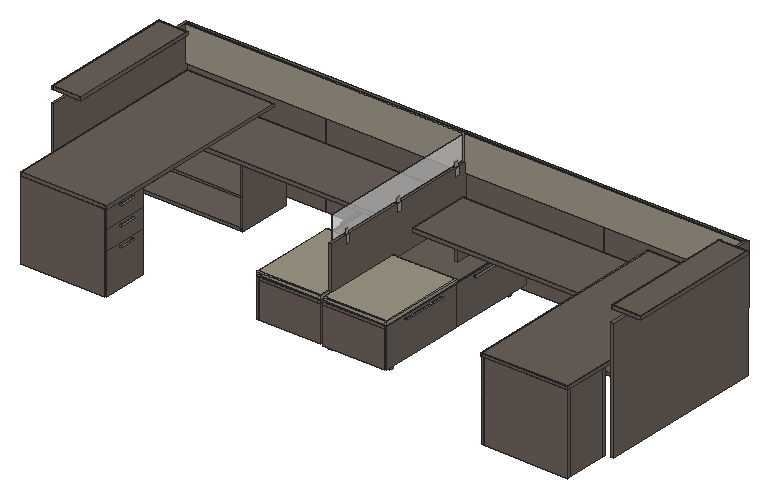
Revit family "STAKS005", category Furniture, Revit 2013 (continued)
Definition of nested family "FIRST OFFICE-STAKS-PEDESTALS-LOW_BENCH CUSHIONS"
  Reference planes (in)
    plane 3 "Back": y = -2.6068
    plane 4: z = 21.375
    plane 5: y = -24.4818
    plane 6: x = 8.0625
    plane 7: x = 32.0625
    plane 8 "CUSHION TOP": z = 22.875
    plane 9: y = -13.5443
    plane 10: x = 8.3125
    plane 11: x = 31.8125
  Forms (in)
    Extrusion 1, solid, material "STAKS CUSHION", visible <- "RECTANGLE"
      sketch origin (24, -38.74965, 30.93785) x (0, 0, -1) y (0, 1, 0)
        loop
          line (8.06285, 14.51785) -> (9.56285, 14.51785) -> (9.56285, 35.89285) -> (8.06285, 35.89285) -> (8.06285, 14.51785)
      from -15.6875 to 7.8125
    Sweep 2, solid, material "STAKS CUSHION", visible <- "RECTANGLE"
      path origin (0, 0, 22.875) x (-1, 0, 0) y (0, -1, 0)
        loop
          line (-8.0625, 24.4818) -> (-32.0625, 24.4818) -> (-32.0625, 2.6068) -> (-8.0625, 2.6068) -> (-8.0625, 24.4818)
      profile origin (8.0625, -13.5443, 22.875) x (-1, 0, 0) y (0, 0, 1)
        loop
          line (-0.25, 0) -> (-0.25, -1.5)
          arc (-0.25, -1.5) -> (-0.07322, -1.42678) -> (0, -1.25) r 0.25
          line (0, -1.25) -> (0, -0.25)
          arc (0, -0.25) -> (-0.07322, -0.07322) -> (-0.25, 0) r 0.25
    Revolve 3, solid, material "STAKS CUSHION", visible <- "ROUND"
      sketch origin (0, -12.6068, 0) x (1, 0, 0) y (0, 0, 1)
        loop
          line (20.0625, 22.875) -> (10.3125, 22.875)
          arc (10.3125, 22.875) -> (10.13572, 22.80178) -> (10.0625, 22.625) r 0.25
          line (10.0625, 22.625) -> (10.0625, 21.625)
          arc (10.0625, 21.625) -> (10.13572, 21.44822) -> (10.3125, 21.375) r 0.25
          line (10.3125, 21.375) -> (20.0625, 21.375) -> (20.0625, 22.875)
        axis (20.0625, 22.875) -> (20.0625, 21.375)
      angle from 0 to 360
  Cuts and joins
    joined: Extrusion 1, Sweep 2
  Lines and regions (in)
    Masking region 1, visible <- "RECTANGLE"
      outline origin (0, 0, 22.875) x (-1, 0, 0) y (0, -1, 0)
        loop
          line (-8.0625, 24.4818) -> (-20.0625, 13.5443) -> (-8.0625, 2.6068) -> (-8.0625, 24.4818)
    Masking region 2, visible <- "RECTANGLE"
      outline origin (40.125, 0, 22.875) x (0, -1, 0) y (1, 0, 0)
        loop
          line (24.4818, -8.0625) -> (2.6068, -8.0625) -> (13.5443, -20.0625) -> (24.4818, -8.0625)
    Masking region 3, visible <- "RECTANGLE"
      outline origin (0, 0, 22.875) x (-1, 0, 0) y (0, -1, 0)
        loop
          line (-8.0625, 2.6068) -> (-20.0625, 13.5443) -> (-32.0625, 2.6068) -> (-8.0625, 2.6068)
    Masking region 4, visible <- "RECTANGLE"
      outline origin (0, -24.4636, 22.875) x (0, 1, 0) y (-1, 0, 0)
        loop
          line (-0.0182, -8.0625) -> (-0.0182, -32.0625) -> (10.9193, -20.0625) -> (-0.0182, -8.0625)
    Masking region 5, visible <- "ROUND"
      outline origin (0, -10, 22.875) x (-1, 0, 0) y (0, -1, 0)
        loop
          circle (-20.0625, 2.6068) r 10
  Dimensions and locks (in)
    "CUSHION DEPTH": plane 5 to plane 3 "Back"
    equal spacing: plane 6, plane 2 "CENTER LEFT/RIGHT", plane 7
    "CUSHION WIDTH": plane 6 to plane 7
    locked: plane 8 "CUSHION TOP" to plane 4 at 1.5
    equal spacing: plane 5, plane 9, plane 3 "Back"
    locked: plane 6 to plane 10 at 0.25
    locked: plane 11 to plane 7 at 0.25
    locked: Revolve 3 sketch curve to Revolve 3 sketch curve at 10
    aligned: plane 2 "CENTER LEFT/RIGHT" to Extrusion 1
    aligned: plane 7 to Extrusion 1  (x3)
    aligned: Extrusion 1 to plane 6  (x3)
    aligned: Extrusion 1 to plane 3 "Back"  (x2)
    aligned: plane 5 to Extrusion 1  (x2)
    aligned and locked: plane 8 "CUSHION TOP" to Extrusion 1
    aligned and locked: Extrusion 1 to plane 4
    aligned and locked: Masking region 3 sketch curve to Masking region 1
    aligned and locked: Masking region 4 sketch curve to Masking region 2
    aligned and locked: plane 7 to Masking region 2
    aligned: Extrusion 1 to Sweep 2  (x3)
    aligned: cut or joined group of Extrusion 1, Sweep 2 to cut or joined group of Extrusion 1, Sweep 2  (x2)
    aligned and locked: cut or joined group of Extrusion 1, Sweep 2 to plane 10
    aligned and locked: plane 11 to cut or joined group of Extrusion 1, Sweep 2
    aligned and locked: plane 8 "CUSHION TOP" to Revolve 3 sketch curve
    aligned and locked: Revolve 3 sketch curve to plane 4
  Automatic sketch dimensions
    Extrusion 1 sketch curve to plane 8 "CUSHION TOP" = 0' - 0"
    Extrusion 1 sketch curve to plane 4 = 0' - 0"
    Extrusion 1 sketch curve to plane 5 = 0' - 0 1/4"
    Masking region 1 sketch curve to plane 2 "CENTER LEFT/RIGHT" = 0' - 0"
    plane 3 "Back" to Masking region 1 sketch curve = 0' - 0"
    Masking region 1 sketch curve to plane 6 = 0' - 0"
    plane 9 to Masking region 1 sketch curve = 0' - 0"
    plane 5 to Masking region 1 sketch curve = 0' - 0"
    plane 3 "Back" to Masking region 3 sketch curve = 0' - 0"
    Masking region 3 sketch curve to plane 7 = 0' - 0"
    Masking region 3 sketch curve to plane 2 "CENTER LEFT/RIGHT" = 0' - 0"
    plane 5 to Masking region 4 sketch curve = 0' - 0"
    Masking region 4 sketch curve to plane 2 "CENTER LEFT/RIGHT" = 0' - 0"
    Masking region 4 sketch curve to plane 6 = 0' - 0"
    plane 3 "Back" to Masking region 2 sketch curve = 0' - 0"
    Masking region 2 sketch curve to plane 2 "CENTER LEFT/RIGHT" = 0' - 0"
    plane 9 to Masking region 2 sketch curve = 0' - 0"
    plane 5 to Masking region 2 sketch curve = 0' - 0"
    Masking region 2 sketch curve to plane 7 = 0' - 0"
    plane 5 to Sweep 2 sketch curve = 0' - 0"
    Sweep 2 sketch curve to plane 7 = 0' - 0"
    plane 3 "Back" to Sweep 2 sketch curve = 0' - 0"
    Sweep 2 sketch curve to plane 6 = 0' - 0"
    Sweep 2 sketch curve to plane 8 "CUSHION TOP" = 0' - 0"
    Sweep 2 sketch curve to profile plane = 0' - 0"
    Sweep 2 sketch curve to Sweep 2 sketch curve = 0' - 0 1/4"
    Sweep 2 sketch curve to Sweep 2 sketch curve = 0' - 1"
    plane 3 "Back" to Extrusion 1 sketch curve = 0' - 0 1/4"
    Revolve 3 sketch curve to plane 2 "CENTER LEFT/RIGHT" = 0' - 0"  (x2)
    Revolve 3 sketch curve to plane 4 = 0' - 0"
    Revolve 3 sketch curve to plane 8 "CUSHION TOP" = 0' - 0"
    plane 4 to Revolve 3 sketch curve = 0' - 0 1/4"
    Revolve 3 sketch curve to Revolve 3 sketch curve = 0' - 0 1/4"
    Masking region 5 sketch curve to plane 2 "CENTER LEFT/RIGHT" = 0' - 0"
    plane 3 "Back" to Masking region 5 sketch curve = 0' - 10"
    radius of Masking region 5 sketch curve = 0' - 10"
Definition of nested family "FIRST OFFICE-STAKS-SUPPORT-SURFACE-RISER PANELS"
  Parameters (values of type "FIRST OFFICE-STAKS-SUPPORT-SURFACE-RISER-P SHAPE 10 X 9.5")
    T SHAPE = no
    RISER DEPTH = 0' - 10"
    URL = "http://www.firstoffice.com/products/crossover/staks/"
    P SHAPE = yes
    Model = "6-TSP-10/9.5"
    Manufacturer = "FIRST OFFICE-STAKS"
    MANUFACTURERS' CODE = "FOF"
    ENVIRONMENTAL = "http://www.firstoffice.com/products/crossover/staks/"
    Description = "10 X 9.5 P SHAPE RISER SUPPORT PANEL"
    CATALOG CODE = "FST"
    Assembly Code = ""
  Types (8): name | T SHAPE | RISER DEPTH | P SHAPE | Model | Description
    FIRST OFFICE-STAKS-SUPPORT-SURFACE-RISER-P SHAPE 10 X 9.5 | no | 0' - 10" | yes | "6-TSP-10/9.5" | "10 X 9.5 P SHAPE RISER SUPPORT PANEL"
    FIRST OFFICE-STAKS-SUPPORT-SURFACE-RISER-P SHAPE 18 X 9.5 | no | 1' - 6" | yes | "6-TSP-18/9.5" | "18 X 9.5 P SHAPE RISER SUPPORT PANEL"
    FIRST OFFICE-STAKS-SUPPORT-SURFACE-RISER-P SHAPE 26 X 9.5 | no | 2' - 2" | yes | "6-TSP-26/9.5" | "26 X 9.5 P SHAPE RISER SUPPORT PANEL"
    FIRST OFFICE-STAKS-SUPPORT-SURFACE-RISER-P SHAPE 32 X 9.5 | no | 2' - 8" | yes | "6-TSP-32/9.5" | "32 X 9.5 P SHAPE RISER SUPPORT PANEL"
    FIRST OFFICE-STAKS-SUPPORT-SURFACE-RISER-T SHAPE 10 X 9.5 | yes | 0' - 10" | no | "6-RSP-10/9.5" | "10 X 9.5 T SHAPE RISER SUPPORT PANEL"
    FIRST OFFICE-STAKS-SUPPORT-SURFACE-RISER-T SHAPE 18 X 9.5 | yes | 1' - 6" | no | "6-RSP-18/9.5" | "18 X 9.5 T SHAPE RISER SUPPORT PANEL"
    FIRST OFFICE-STAKS-SUPPORT-SURFACE-RISER-T SHAPE 26 X 9.5 | yes | 2' - 2" | no | "6-RSP-26/9.5" | "26 X 9.5 T SHAPE RISER SUPPORT PANEL"
    FIRST OFFICE-STAKS-SUPPORT-SURFACE-RISER-T SHAPE 32 X 9.5 | yes | 2' - 8" | no | "6-RSP-32/9.5" | "32 X 9.5 T SHAPE RISER SUPPORT PANEL"
  Reference planes (in)
    plane 1: z = 0
    plane 2 "Left": x = -12
    plane 3 "Back": y = 1.62535
    plane 4 "WING Top": z = 27.375
    plane 5: y = -8.37465
    plane 6: y = 0.62535
    plane 7: x = -2.5
    plane 8: x = -3.5
    plane 9: x = -11
    plane 10: y = -7.87465
    plane 11: z = 22.5
    plane 12: y = -6.87465
    plane 13: x = -13
    plane 14: y = -3.37465
    plane 15: x = -21.5
  Forms (in)
    Extrusion 1, solid, material "STAKS SUPPORT WD", visible <- "P SHAPE"
      sketch origin (3.36932, -10.37465, 0.12522) x (1, 0, 0) y (0, 0, 1)
        loop
          line (-5.86932, 27.24978) -> (-6.86932, 27.24978) -> (-6.86932, 22.37478) -> (-5.86932, 22.37478) -> (-5.86932, 27.24978)
      from -11 to -3.5
    Extrusion 2, solid, material "STAKS SUPPORT WD", visible <- "P SHAPE"
      sketch origin (-5.5, 5, -0.18015) x (0, 1, 0) y (0, 0, 1)
        loop
          line (-4.37465, 27.55515) -> (-4.37465, 22.68015) -> (-3.37465, 22.68015) -> (-3.37465, 27.55515) -> (-4.37465, 27.55515)
      from -5.5 to 3
    Extrusion 3, solid, material "STAKS SUPPORT WD", visible <- "P SHAPE"
      sketch origin (7.62465, -10.37465, -0.18015) x (1, 0, 0) y (0, 0, 1)
        loop
          line (-19.62465, 27.55515) -> (-19.62465, 22.68015) -> (-18.62465, 22.68015) -> (-18.62465, 27.55515) -> (-19.62465, 27.55515)
      from -12 to -2
    Extrusion 4, solid, material "STAKS SUPPORT WD", visible <- "P SHAPE"
      sketch origin (-5.5, -2.25, -0.18015) x (0, 1, 0) y (0, 0, 1)
        loop
          line (-5.62465, 27.55515) -> (-5.62465, 22.68015) -> (-4.62465, 22.68015) -> (-4.62465, 27.55515) -> (-5.62465, 27.55515)
      from -5.5 to 3
    Extrusion 5, solid, material "STAKS SUPPORT WD", visible <- "T SHAPE"
      sketch origin (6.62465, -10.37465, -0.18015) x (1, 0, 0) y (0, 0, 1)
        loop
          line (-19.62465, 27.55515) -> (-19.62465, 22.68015) -> (-18.62465, 22.68015) -> (-18.62465, 27.55515) -> (-19.62465, 27.55515)
      from -12 to -2
    Extrusion 6, solid, material "STAKS SUPPORT WD", visible <- "T SHAPE"
      sketch origin (-16, -9.25, -0.18015) x (0, 1, 0) y (0, 0, 1)
        loop
          line (5.37535, 27.55515) -> (5.37535, 22.68015) -> (6.37535, 22.68015) -> (6.37535, 27.55515) -> (5.37535, 27.55515)
      from -5.5 to 3
  Lines and regions (in)
    Masking region 1, visible <- "P SHAPE"
      outline origin (-5.5, 0, 0) x (1, 0, 0) y (0, 1, 0)
        loop
          line (-5.5, 1.62535) -> (-5.5, 0.62535) -> (3, 0.62535) -> (3, 1.62535) -> (-5.5, 1.62535)
    Masking region 2, visible <- "P SHAPE"
      outline origin (4.75, 0, 0) x (1, 0, 0) y (0, 1, 0)
        loop
          line (-7.25, 0.62535) -> (-8.25, 0.62535) -> (-8.25, -6.87465) -> (-7.25, -6.87465) -> (-7.25, 0.62535)
    Masking region 3, visible <- "P SHAPE"
      outline origin (-16.37535, -10.37465, 0) x (0, -1, 0) y (1, 0, 0)
        loop
          line (-12, 5.37535) -> (-12, 4.37535) -> (-2, 4.37535) -> (-2, 5.37535) -> (-12, 5.37535)
    Masking region 4, visible <- "P SHAPE"
      outline origin (-5.5, -7.25, 0) x (1, 0, 0) y (0, 1, 0)
        loop
          line (-5.5, 0.37535) -> (-5.5, -0.62465) -> (3, -0.62465) -> (3, 0.37535) -> (-5.5, 0.37535)
    Masking region 5, visible <- "T SHAPE"
      outline origin (-17.37535, -10.37465, 0) x (0, -1, 0) y (1, 0, 0)
        loop
          line (-12, 5.37535) -> (-12, 4.37535) -> (-2, 4.37535) -> (-2, 5.37535) -> (-12, 5.37535)
    Masking region 6, visible <- "T SHAPE"
      outline origin (-16, -14.25, 0) x (1, 0, 0) y (0, 1, 0)
        loop
          line (-5.5, 11.37535) -> (-5.5, 10.37535) -> (3, 10.37535) -> (3, 11.37535) -> (-5.5, 11.37535)
  Dimensions and locks (in)
    "RISER DEPTH": plane 5 to plane 3 "Back"
    locked: plane 2 "Left" to plane 9 at 1
    locked: plane 8 to plane 7 at 1
    locked: plane 2 "Left" to plane 7 at 9.5
    locked: plane 4 "WING Top" to plane 11 at 4.875
    locked: plane 10 to plane 3 "Back" at 9.5
    locked: plane 4 "WING Top" to plane 1 at 27.375
    locked: plane 6 to plane 3 "Back" at 1
    locked: plane 10 to plane 12 at 1
    locked: plane 15 to plane 2 "Left" at 9.5
    locked: plane 13 to plane 2 "Left" at 1
    Extrusion 6 to plane 14 to Extrusion 6 = 0' - 0 1/2" locked, 0' - 0 1/2" locked
    equal spacing: plane 5, plane 14, plane 3 "Back"
    aligned: Extrusion 1 to plane 2 "Left"  (x2)
    aligned: Extrusion 1 to plane 1  (x2)
    aligned: level to plane 1
    aligned: Extrusion 1 to plane 4 "WING Top"
    aligned: Extrusion 1 to plane 3 "Back"  (x2)
    aligned: plane 5 to Extrusion 1
    aligned: Extrusion 3 to plane 6
    aligned and locked: plane 5 to Extrusion 3
    aligned: Extrusion 1 to plane 5  (x3)
    aligned and locked: plane 6 to Extrusion 2
    aligned and locked: plane 6 to Masking region 1
    aligned and locked: Masking region 1 to plane 3 "Back"
    aligned and locked: Extrusion 2 to plane 3 "Back"
    aligned: plane 7 to Masking region 1
    aligned: plane 7 to Extrusion 2
    aligned: Extrusion 3 to plane 2 "Left"
    aligned: plane 4 "WING Top" to Extrusion 3
    aligned: plane 4 "WING Top" to Extrusion 1
    aligned: plane 4 "WING Top" to Extrusion 2
    aligned: Masking region 2 to plane 3 "Back"
    aligned: plane 3 "Back" to Extrusion 1
    aligned: plane 10 to Masking region 2
    aligned: plane 10 to Extrusion 1
    aligned and locked: plane 7 to Extrusion 1
    aligned and locked: Extrusion 1 to plane 8
    aligned and locked: plane 7 to Masking region 2
    aligned and locked: Masking region 2 to plane 8
    aligned: plane 8 to Extrusion 2
    aligned: plane 8 to Masking region 1
    aligned and locked: Extrusion 3 to plane 3 "Back"
    aligned and locked: Extrusion 3 to plane 2 "Left"
    aligned: plane 9 to Extrusion 3
    aligned and locked: plane 9 to Masking region 3
    aligned and locked: Masking region 3 to plane 2 "Left"
    aligned and locked: Extrusion 2 to plane 9
    aligned and locked: Masking region 1 to plane 9
    aligned and locked: plane 5 to Masking region 3
    aligned and locked: plane 4 "WING Top" to Extrusion 3  (x2)
    aligned and locked: plane 4 "WING Top" to Extrusion 1
    aligned and locked: plane 4 "WING Top" to Extrusion 2
    aligned and locked: Extrusion 3 to plane 11
    aligned and locked: Extrusion 1 to plane 11
    aligned and locked: Extrusion 2 to plane 11
    aligned and locked: plane 9 to Extrusion 3
    aligned and locked: Extrusion 1 to plane 6
    aligned and locked: Masking region 2 to plane 6
    aligned and locked: plane 7 to Extrusion 2
    aligned and locked: plane 7 to Masking region 1
    aligned and locked: Masking region 4 to plane 12
    aligned and locked: Extrusion 4 to plane 12
    aligned and locked: plane 10 to Extrusion 4
    aligned and locked: plane 10 to Masking region 4
    aligned and locked: plane 12 to Extrusion 1
    aligned and locked: plane 12 to Masking region 2
    aligned and locked: Masking region 6 to Extrusion 6  (x2)
    aligned and locked: Masking region 6 to plane 15
    aligned and locked: Extrusion 6 to plane 15
    aligned and locked: plane 13 to Masking region 6
    aligned and locked: plane 13 to Extrusion 6
    aligned and locked: plane 5 to Extrusion 5
    aligned and locked: Extrusion 5 to plane 3 "Back"
    aligned and locked: plane 3 "Back" to Extrusion 5
  Automatic sketch dimensions
    Extrusion 1 sketch curve to plane 4 "WING Top" = 0' - 0"
    Extrusion 1 sketch curve to plane 8 = 0' - 0"
    Extrusion 1 sketch curve to plane 7 = 0' - 0"
    Extrusion 1 sketch curve to plane 11 = 0' - 0"
    Extrusion 2 sketch curve to plane 4 "WING Top" = 0' - 0"
    Extrusion 2 sketch curve to plane 6 = 0' - 0"
    Extrusion 2 sketch curve to plane 3 "Back" = 0' - 0"
    Extrusion 2 sketch curve to plane 11 = 0' - 0"
    plane 6 to Masking region 1 sketch curve = 0' - 0"
    Masking region 1 sketch curve to plane 9 = 0' - 0"
    plane 3 "Back" to Masking region 1 sketch curve = 0' - 0"
    Masking region 1 sketch curve to plane 7 = 0' - 0"
    Extrusion 3 sketch curve to plane 2 "Left" = 0' - 0"
    Extrusion 3 sketch curve to plane 9 = 0' - 0"
    Extrusion 3 sketch curve to plane 11 = 0' - 0"
    Extrusion 3 sketch curve to plane 4 "WING Top" = 0' - 0"
    plane 6 to Masking region 2 sketch curve = 0' - 0"
    Masking region 2 sketch curve to plane 8 = 0' - 0"
    Masking region 2 sketch curve to plane 7 = 0' - 0"
    plane 12 to Masking region 2 sketch curve = 0' - 0"
    Masking region 3 sketch curve to plane 2 "Left" = 0' - 0"
    plane 3 "Back" to Masking region 3 sketch curve = 0' - 0"
    plane 5 to Masking region 3 sketch curve = 0' - 0"
    Masking region 3 sketch curve to plane 9 = 0' - 0"
    Extrusion 4 sketch curve to plane 4 "WING Top" = 0' - 0"
    Extrusion 4 sketch curve to plane 10 = 0' - 0"
    Extrusion 4 sketch curve to plane 11 = 0' - 0"
    Extrusion 4 sketch curve to plane 12 = 0' - 0"
    Masking region 4 sketch curve to plane 9 = 0' - 0"
    Masking region 4 sketch curve to plane 7 = 0' - 0"
    plane 10 to Masking region 4 sketch curve = 0' - 0"
    plane 12 to Masking region 4 sketch curve = 0' - 0"
    Extrusion 5 sketch curve to plane 4 "WING Top" = 0' - 0"
    Extrusion 5 sketch curve to plane 13 = 0' - 0"
    Extrusion 5 sketch curve to plane 2 "Left" = 0' - 0"
    Extrusion 5 sketch curve to plane 11 = 0' - 0"
    plane 3 "Back" to Masking region 5 sketch curve = 0' - 0"
    Masking region 5 sketch curve to plane 2 "Left" = 0' - 0"
    plane 5 to Masking region 5 sketch curve = 0' - 0"
    Masking region 5 sketch curve to plane 13 = 0' - 0"
    Extrusion 6 sketch curve to plane 4 "WING Top" = 0' - 0"
    Extrusion 6 sketch curve to plane 11 = 0' - 0"
    Extrusion 6 sketch curve to plane 10 = 0' - 4"
    Extrusion 6 sketch curve to Extrusion 6 sketch curve = 0' - 1"
    Masking region 6 sketch curve to plane 13 = 0' - 0"
    Masking region 6 sketch curve to Masking region 6 sketch curve = 0' - 8 1/2"
    Masking region 6 sketch curve to plane 10 = 0' - 4"
    Masking region 6 sketch curve to Masking region 6 sketch curve = 0' - 1"
Definition of nested family "FIRST OFFICE-STAKS-PEDESTALS-WORKSUFACE HEIGHT NO I BEAM-12W TO 16W"
  Parameters (values of type "FIRST OFFICE-STAKS-SURFACE HEIGHT BBF PED-NO I BEAM 16 X 19")
    URL = "http://www.firstoffice.com/products/crossover/staks/"
    SHELF = no
    PULL 1 = yes
    PULL 2 = yes
    PULL 3 = yes
    PEDESTAL DEPTH = 1' - 7 3/8"
    Model = "6-NW1619MPD1"
    Manufacturer = "FIRST OFFICE-STAKS"
    MANUFACTURERS' CODE = "FOF"
    FILE FRONT 1 = no
    FILE FRONT 2 = yes
    ENVIRONMENTAL = "http://www.firstoffice.com/products/crossover/staks/"
    Description = "16 X 19 BBF PEDESTAL"
    PEDESTAL WIDTH = 1' - 3 5/8"
    DOOR = no
    CATALOG CODE = "FST"
    BOX FRONT 1 = yes
    BOX FRONT 2 = yes
    Assembly Code = ""
  Types (24): name | SHELF | PULL 1 | PULL 2 | PULL 3 | PEDESTAL DEPTH | Model | FILE FRONT 1 | FILE FRONT 2 | Description | PEDESTAL WIDTH | DOOR | BOX FRONT 1 | BOX FRONT 2
    FIRST OFFICE-STAKS-SURFACE HEIGHT UTILITY PED-NO I BEAM 12 X 19 | no | yes | no | yes | 1' - 7 3/8" | "6-NW1219MPD13" | yes | yes | "12 X 19 UTILITY PEDESTAL" | 1' - 0" | no | no | no
    FIRST OFFICE-STAKS-SURFACE HEIGHT UTILITY PED-NO I BEAM 12 X 22 | no | yes | no | yes | 1' - 9 7/8" | "6-NW1222MPD13" | yes | yes | "12 X 22 UTILITY PEDESTAL" | 1' - 0" | no | no | no
    FIRST OFFICE-STAKS-SURFACE HEIGHT CPU PED L-NO I BEAM 12 X 19 | no | yes | no | no | 1' - 7 3/8" | "6-NW1219MPDL14" | no | no | "12 X 19 CPU PEDESTAL" | 1' - 0" | yes | no | no
    FIRST OFFICE-STAKS-SURFACE HEIGHT CPU PED L-NO I BEAM 12 X 22 | no | yes | no | no | 1' - 9 7/8" | "6-NW1222MPDL14" | no | no | "12 X 22 CPU PEDESTAL" | 1' - 0" | yes | no | no
    FIRST OFFICE-STAKS-SURFACE HEIGHT CPU PED R-NO I BEAM 12 X 19 | no | yes | no | no | 1' - 7 3/8" | "6-NW1219MPDR14" | no | no | "12 X 19 CPU PEDESTAL" | 1' - 0" | yes | no | no
    FIRST OFFICE-STAKS-SURFACE HEIGHT CPU PED R-NO I BEAM 12 X 22 | no | yes | no | no | 1' - 9 7/8" | "6-NW1222MPDR14" | no | no | "12 X 22 CPU PEDESTAL" | 1' - 0" | yes | no | no
    FIRST OFFICE-STAKS-SURFACE HEIGHT BBF PED-NO I BEAM 16 X 19 | no | yes | yes | yes | 1' - 7 3/8" | "6-NW1619MPD1" | no | yes | "16 X 19 BBF PEDESTAL" | 1' - 3 5/8" | no | yes | yes
    FIRST OFFICE-STAKS-SURFACE HEIGHT BBF PED-NO I BEAM 16 X 22 | no | yes | yes | yes | 1' - 9 7/8" | "6-NW1622MPD1" | no | yes | "16 X 22 BBF PEDESTAL" | 1' - 3 5/8" | no | yes | yes
    FIRST OFFICE-STAKS-SURFACE HEIGHT BBF PED-NO I BEAM 16 X 27 | no | yes | yes | yes | 2' - 3 3/8" | "6-NW1627MPD1" | no | yes | "16 X 27 BBF PEDESTAL" | 1' - 3 5/8" | no | yes | yes
    FIRST OFFICE-STAKS-SURFACE HEIGHT BBF PED-NO I BEAM 16 X 30 | no | yes | yes | yes | 2' - 5 7/8" | "6-NW1630MPD1" | no | yes | "16 X 30 BBF PEDESTAL" | 1' - 3 5/8" | no | yes | yes
    FIRST OFFICE-STAKS-SURFACE HEIGHT BBF PED-NO I BEAM 16 X 33 | no | yes | yes | yes | 2' - 9 3/8" | "6-NW1633MPD1" | no | yes | "16 X 33 BBF PEDESTAL" | 1' - 3 5/8" | no | yes | yes
    FIRST OFFICE-STAKS-SURFACE HEIGHT BBF PED-NO I BEAM 16 X 36 | no | yes | yes | yes | 2' - 11 7/8" | "6-NW1636MPD1" | no | yes | "16 X 36 BBF PEDESTAL" | 1' - 3 5/8" | no | yes | yes
    FIRST OFFICE-STAKS-SURFACE HEIGHT OBF PED-NO I BEAM 16 X 19 | yes | no | yes | yes | 1' - 7 3/8" | "6-NW1619MPD2" | no | yes | "16 X 19 OBF PEDESTAL" | 1' - 3 5/8" | no | no | yes
    FIRST OFFICE-STAKS-SURFACE HEIGHT OBF PED-NO I BEAM 16 X 22 | yes | no | yes | yes | 1' - 9 7/8" | "6-NW1622MPD2" | no | yes | "16 X 22 OBF PEDESTAL" | 1' - 3 5/8" | no | no | yes
    FIRST OFFICE-STAKS-SURFACE HEIGHT OBF PED-NO I BEAM 16 X 27 | yes | no | yes | yes | 2' - 3 3/8" | "6-NW1627MPD2" | no | yes | "16 X 27 OBF PEDESTAL" | 1' - 3 5/8" | no | no | yes
    FIRST OFFICE-STAKS-SURFACE HEIGHT OBF PED-NO I BEAM 16 X 30 | yes | no | yes | yes | 2' - 5 7/8" | "6-NW1630MPD2" | no | yes | "16 X 30 OBF PEDESTAL" | 1' - 3 5/8" | no | no | yes
    FIRST OFFICE-STAKS-SURFACE HEIGHT OBF PED-NO I BEAM 16 X 33 | yes | no | yes | yes | 2' - 9 3/8" | "6-NW1633MPD2" | no | yes | "16 X 33 OBF PEDESTAL" | 1' - 3 5/8" | no | no | yes
    FIRST OFFICE-STAKS-SURFACE HEIGHT OBF PED-NO I BEAM 16 X 36 | yes | no | yes | yes | 2' - 11 7/8" | "6-NW1636MPD2" | no | yes | "16 X 36 OBF PEDESTAL" | 1' - 3 5/8" | no | no | yes
    FIRST OFFICE-STAKS-SURFACE HEIGHT FF PED-NO I BEAM 16 X 19 | no | yes | no | yes | 1' - 7 3/8" | "6-NW1619MPD3" | yes | yes | "16 X 19 FF PEDESTAL" | 1' - 3 5/8" | no | no | no
    FIRST OFFICE-STAKS-SURFACE HEIGHT FF PED-NO I BEAM 16 X 22 | no | yes | no | yes | 1' - 9 7/8" | "6-NW1622MPD3" | yes | yes | "16 X 22 FF PEDESTAL" | 1' - 3 5/8" | no | no | no
    FIRST OFFICE-STAKS-SURFACE HEIGHT FF PED-NO I BEAM 16 X 27 | no | yes | no | yes | 2' - 3 3/8" | "6-NW1627MPD3" | yes | yes | "16 X 27 FF PEDESTAL" | 1' - 3 5/8" | no | no | no
    FIRST OFFICE-STAKS-SURFACE HEIGHT FF PED-NO I BEAM 16 X 30 | no | yes | no | yes | 2' - 5 7/8" | "6-NW1630MPD3" | yes | yes | "16 X 30 FF PEDESTAL" | 1' - 3 5/8" | no | no | no
    FIRST OFFICE-STAKS-SURFACE HEIGHT FF PED-NO I BEAM 16 X 33 | no | yes | no | yes | 2' - 9 3/8" | "6-NW1633MPD3" | yes | yes | "16 X 33 FF PEDESTAL" | 1' - 3 5/8" | no | no | no
    FIRST OFFICE-STAKS-SURFACE HEIGHT FF PED-NO I BEAM 16 X 36 | no | yes | no | yes | 2' - 11 7/8" | "6-NW1636MPD3" | yes | yes | "16 X 36 FF PEDESTAL" | 1' - 3 5/8" | no | no | no
  Reference planes (in)
    plane 1: z = 0
    plane 2 "Center Left/Right": x = -0.02289
    plane 3 "Left": x = -7.83539
    plane 4 "Right": x = 7.78961
    plane 5 "CABINET FRONT": y = 1.37535
    plane 6 "PEDESTAL TOP": z = 27.375
    plane 7 "DRAWER FRONT": y = 0.62535
    plane 8: x = -7.77289
    plane 9: x = 7.72661
    plane 10: z = 0.25
    plane 11: z = 27.25
    plane 12: z = 14.37495
    plane 13: z = 14.24995
    plane 14: z = 26.5
    plane 15: x = 7.03961
    plane 16: x = -7.08539
    plane 17 "BACK": y = 20.00035
    plane 18: y = 19.87535
    plane 19: x = -7.71039
    plane 20: x = 7.66461
    plane 21: z = 20.87495
    plane 22: z = 20.74995
  Forms (in)
    Extrusion 1, solid, material "STAKS FILE 1", visible <- "FILE FRONT 1"
      sketch origin (-0.02289, 5, -0.18015) x (0, 1, 0) y (0, 0, 1)
        loop
          line (-4.37465, 27.43015) -> (-4.37465, 14.5551) -> (-3.62465, 14.5551) -> (-3.62465, 27.43015) -> (-4.37465, 27.43015)
      from -7.75 to 7.7495
    Extrusion 2, solid, material "STAKS FILE 2", visible <- "FILE FRONT 2"
      sketch origin (-0.02289, 5, -13.1802) x (0, 1, 0) y (0, 0, 1)
        loop
          line (-4.37465, 27.43015) -> (-4.37465, 13.4302) -> (-3.62465, 13.4302) -> (-3.62465, 27.43015) -> (-4.37465, 27.43015)
      from -7.75 to 7.7495
    Extrusion 3, solid, material "STAKS PEDESTAL"
      sketch origin (0, -1.24965, 0) x (1, 0, 0) y (0, 0, 1)
        loop
          line (-7.83539, 0) -> (-7.08539, 0) -> (-7.08539, 27.25) -> (-7.83539, 27.25) -> (-7.83539, 0)
      from -21.25 to -2.625
    Extrusion 4, solid, material "STAKS SPACER"
      sketch origin (0, 2.62535, 0) x (1, 0, 0) y (0, 0, 1)
        loop
          line (-7.71039, 27.375) -> (-7.71039, 27.25) -> (-7.08539, 27.25) -> (-7.08539, 27.375) -> (-7.71039, 27.375)
      from -17.25 to 1.25
    Extrusion 5, solid, material "STAKS PEDESTAL"
      sketch origin (9, -1.24965, 0) x (1, 0, 0) y (0, 0, 1)
        loop
          line (-1.96039, 0) -> (-1.21039, 0) -> (-1.21039, 27.25) -> (-1.96039, 27.25) -> (-1.96039, 0)
      from -21.25 to -2.625
    Extrusion 6, solid, material "STAKS SPACER"
      sketch origin (8.25, 2.62535, 0) x (1, 0, 0) y (0, 0, 1)
        loop
          line (-1.21039, 27.375) -> (-1.21039, 27.25) -> (-0.58539, 27.25) -> (-0.58539, 27.375) -> (-1.21039, 27.375)
      from -17.25 to 1.25
    Extrusion 7, solid, material "STAKS PEDESTAL"
      sketch origin (0, 8.37535, 0) x (1, 0, 0) y (0, 0, 1)
        loop
          line (-7.08539, 27.25) -> (-7.08539, 26.5) -> (7.03961, 26.5) -> (7.03961, 27.25) -> (-7.08539, 27.25)
      from 0 to 4
    Extrusion 8, solid, material "STAKS SPACER"
      sketch origin (11.97711, 7.39824, 0) x (0, 1, 0) y (0, 0, 1)
        loop
          line (-3.02289, 27.375) -> (-3.02289, 27.25) -> (-2.39789, 27.25) -> (-2.39789, 27.375) -> (-3.02289, 27.375)
      from -19.0625 to -4.9375
    Extrusion 9, solid, material "STAKS PEDESTAL"
      sketch origin (0, 16.12535, 0) x (1, 0, 0) y (0, 0, 1)
        loop
          line (-7.08539, 27.25) -> (-7.08539, 26.5) -> (7.03961, 26.5) -> (7.03961, 27.25) -> (-7.08539, 27.25)
      from -0.87505 to 3.12495
    Extrusion 10, solid, material "STAKS SPACER"
      sketch origin (11.97711, 15.14824, 0) x (0, 1, 0) y (0, 0, 1)
        loop
          line (-2.14784, 27.375) -> (-2.14784, 27.25) -> (-1.52284, 27.25) -> (-1.52284, 27.375) -> (-2.14784, 27.375)
      from -19.0625 to -4.9375
    Extrusion 11, solid, material "STAKS PEDESTAL", visible <- "PULL 3"
      sketch origin (0, 8.37535, -25) x (1, 0, 0) y (0, 0, 1)
        loop
          line (-7.08539, 25.75) -> (-7.08539, 25) -> (7.03961, 25) -> (7.03961, 25.75) -> (-7.08539, 25.75)
      from 2.15625 to 6.15625
    Extrusion 12, solid, material "STAKS PEDESTAL", visible <- "PULL 3"
      sketch origin (0, 16.12535, -25) x (1, 0, 0) y (0, 0, 1)
        loop
          line (-7.08539, 25.75) -> (-7.08539, 25) -> (7.03961, 25) -> (7.03961, 25.75) -> (-7.08539, 25.75)
      from -3.125 to 0.875
    Extrusion 13, solid, material "STAKS BOX 1", visible <- "BOX FRONT 1"
      sketch origin (-0.02289, 2.25, -0.18015) x (0, 1, 0) y (0, 0, 1)
        loop
          line (-1.62465, 27.43015) -> (-1.62465, 21.0551) -> (-0.87465, 21.0551) -> (-0.87465, 27.43015) -> (-1.62465, 27.43015)
      from -7.75 to 7.7495
    Extrusion 14, solid, material "STAKS DOOR1", visible <- "DOOR"
      sketch origin (-0.02289, 3.5, -0.18015) x (0, 1, 0) y (0, 0, 1)
        loop
          line (-2.87465, 27.43015) -> (-2.87465, 0.43015) -> (-2.12465, 0.43015) -> (-2.12465, 27.43015) -> (-2.87465, 27.43015)
      from -7.75 to 7.7495
    Extrusion 15, solid, material "STAKS BOX 2", visible <- "BOX FRONT 2"
      sketch origin (-0.02289, 2.25, -7.68015) x (0, 1, 0) y (0, 0, 1)
        loop
          line (-1.62465, 28.4301) -> (-1.62465, 22.0551) -> (-0.87465, 22.0551) -> (-0.87465, 28.4301) -> (-1.62465, 28.4301)
      from -7.75 to 7.7495
    Extrusion 16, solid, material "STAKS SHELF", visible <- "SHELF"
      sketch origin (0, 1.87535, -6.25) x (1, 0, 0) y (0, 0, 1)
        loop
          line (-7.08539, 27.3749) -> (-7.08539, 26.6249) -> (7.03961, 26.6249) -> (7.03961, 27.3749) -> (-7.08539, 27.3749)
      from -17.375 to 0.5
    Extrusion 17, solid, material "STAKS PEDESTAL"
      sketch origin (19.35211, 29.02324, 0) x (0, 1, 0) y (0, 0, 1)
        loop
          line (-9.77289, 0) -> (-9.02289, 0) -> (-9.02289, 27.25) -> (-9.77289, 27.25) -> (-9.77289, 0)
      from -26.4375 to -12.3125
    Extrusion 18, solid, material "STAKS PULL", visible <- "PULL 1"
      sketch origin (0, 0, 27.375) x (-1, 0, 0) y (0, -1, 0)
        loop
          line (2.74164, -0.62535) -> (2.74164, 0.37465) -> (-2.69586, 0.37465) -> (-2.69586, -0.62535) -> (-2.32086, -0.62535) -> (-2.32086, 0.18715) -> (2.36664, 0.18715) -> (2.36664, -0.62535) -> (2.74164, -0.62535)
      from -0.84375 to -0.375
    Extrusion 19, solid, material "STAKS PULL", visible <- "PULL 2"
      sketch origin (0, 0, 20.87495) x (-1, 0, 0) y (0, -1, 0)
        loop
          line (2.74164, -0.62535) -> (2.74164, 0.37465) -> (-2.69586, 0.37465) -> (-2.69586, -0.62535) -> (-2.32086, -0.62535) -> (-2.32086, 0.18715) -> (2.36664, 0.18715) -> (2.36664, -0.62535) -> (2.74164, -0.62535)
      from -0.84375 to -0.375
    Extrusion 20, solid, material "STAKS PULL", visible <- "PULL 3"
      sketch origin (0, 0, 14.37495) x (-1, 0, 0) y (0, -1, 0)
        loop
          line (2.74164, -0.62535) -> (2.74164, 0.37465) -> (-2.69586, 0.37465) -> (-2.69586, -0.62535) -> (-2.32086, -0.62535) -> (-2.32086, 0.18715) -> (2.36664, 0.18715) -> (2.36664, -0.62535) -> (2.74164, -0.62535)
      from -0.84375 to -0.375
    Extrusion 21, solid, material "STAKS PEDESTAL", visible <- "DOOR"
      sketch origin (0, 10.87535, -25) x (1, 0, 0) y (0, 0, 1)
        loop
          line (-7.08539, 26) -> (-7.08539, 25) -> (7.03961, 25) -> (7.03961, 26) -> (-7.08539, 26)
      from -8.375 to 9.5
  Lines and regions (in)
    Masking region 1
      outline origin (0, 0, 0) x (1, 0, 0) y (0, 1, 0)
        loop
          line (-7.77289, 1.37535) -> (-7.77289, 0.62535) -> (7.72711, 0.62535) -> (7.72711, 1.37535) -> (-7.77289, 1.37535)
    Masking region 2
      outline origin (0, 0, 0) x (1, 0, 0) y (0, 1, 0)
        loop
          line (-2.74164, 0.62535) -> (-2.74164, -0.37465) -> (2.69586, -0.37465) -> (2.69586, 0.62535) -> (2.32086, 0.62535) -> (2.32086, -0.18715) -> (-2.36664, -0.18715) -> (-2.36664, 0.62535) -> (-2.74164, 0.62535)
    Masking region 3
      outline origin (0, 0, 0) x (1, 0, 0) y (0, 1, 0)
        loop
          line (-7.77289, 1.37535) -> (-7.77289, 0.62535) -> (7.72661, 0.62535) -> (7.72661, 1.37535) -> (-7.77289, 1.37535)
    Masking region 4
      outline origin (0, 0, 0) x (1, 0, 0) y (0, 1, 0)
        loop
          line (-7.83539, 1.37535) -> (7.78961, 1.37535) -> (7.78961, 20.00035) -> (-7.83539, 20.00035) -> (-7.83539, 1.37535)
  Dimensions and locks (in)
    locked: plane 7 "DRAWER FRONT" to plane 5 "CABINET FRONT" at 0.75
    "PEDESTAL WIDTH": plane 3 "Left" to plane 4 "Right"
    equal spacing: plane 3 "Left", plane 2 "Center Left/Right", plane 4 "Right"
    locked: plane 3 "Left" to plane 8 at 0.0625
    locked: plane 9 to plane 4 "Right" at 0.063
    locked: plane 10 to plane 1 at 0.25
    locked: plane 6 "PEDESTAL TOP" to plane 11 at 0.125
    locked: plane 12 to plane 13 at 0.125
    "PEDESTAL DEPTH": plane 17 "BACK" to plane 7 "DRAWER FRONT"
    locked: plane 11 to plane 14 at 0.75
    locked: plane 3 "Left" to plane 16 at 0.75
    locked: plane 15 to plane 4 "Right" at 0.75
    locked: plane 18 to plane 17 "BACK" at 0.125
    locked: plane 3 "Left" to plane 19 at 0.125
    locked: plane 20 to plane 4 "Right" at 0.125
    locked: plane 5 "CABINET FRONT" to Extrusion 7 at 3
    locked: Extrusion 7 to Extrusion 7 at 4
    locked: Extrusion 9 to Extrusion 9 at 4
    locked: Extrusion 9 to plane 18 at 2.87495
    locked: Extrusion 11 to Extrusion 11 at 4
    locked: Extrusion 12 to Extrusion 12 at 4
    locked: Extrusion 12 to Extrusion 12 at 0.75
    locked: Extrusion 12 to plane 18 at 0.625
    locked: plane 21 to plane 22 at 0.125
    locked: plane 6 "PEDESTAL TOP" to plane 1 at 27.375
    locked: Extrusion 21 to plane 1 at 1
    aligned: Extrusion 1 to plane 3 "Left"
    aligned: plane 4 "Right" to Extrusion 1
    aligned: Extrusion 1 to plane 1
    aligned and locked: level to plane 1
    aligned: Extrusion 1 to plane 6 "PEDESTAL TOP"
    aligned and locked: Masking region 1 sketch curve to Extrusion 1
    aligned and locked: Extrusion 1 to plane 5 "CABINET FRONT"
    aligned and locked: plane 7 "DRAWER FRONT" to Extrusion 1
    aligned and locked: plane 7 "DRAWER FRONT" to Masking region 1
    aligned and locked: Extrusion 2 sketch curve to plane 10
    aligned and locked: plane 13 to Extrusion 2 sketch curve
    aligned and locked: Extrusion 1 sketch curve to plane 12
    aligned and locked: plane 11 to Extrusion 1 sketch curve
    aligned and locked: Extrusion 3 to plane 17 "BACK"
    aligned and locked: plane 5 "CABINET FRONT" to Extrusion 3
    aligned and locked: Extrusion 2 to plane 10
    aligned and locked: Extrusion 3 to plane 1
    aligned and locked: Extrusion 2 to plane 8
    aligned and locked: plane 16 to Extrusion 3
    aligned and locked: plane 9 to Extrusion 2
    aligned and locked: plane 13 to Extrusion 2
    aligned and locked: Extrusion 1 to plane 12
    aligned and locked: plane 11 to Extrusion 1  (x2)
    aligned and locked: Extrusion 1 to plane 8
    aligned and locked: plane 9 to Extrusion 1
    aligned and locked: Extrusion 4 to plane 18
    aligned and locked: plane 16 to Extrusion 4
    aligned and locked: plane 5 "CABINET FRONT" to Extrusion 4
    aligned and locked: Extrusion 4 to plane 19
    aligned and locked: plane 4 "Right" to Extrusion 5
    aligned and locked: Extrusion 5 to plane 15
    aligned and locked: plane 20 to Extrusion 6
    aligned and locked: Extrusion 6 to plane 15
    aligned and locked: Extrusion 7 sketch curve to plane 16
    aligned and locked: Extrusion 7 sketch curve to plane 14
    aligned and locked: plane 15 to Extrusion 7 sketch curve
    aligned and locked: plane 11 to Extrusion 7 sketch curve
    aligned and locked: Extrusion 8 to plane 16
    aligned and locked: plane 15 to Extrusion 8
    aligned and locked: Extrusion 7 to Extrusion 8
    aligned and locked: Extrusion 5 to plane 17 "BACK"
    aligned and locked: Extrusion 6 to plane 18
    aligned and locked: Extrusion 9 to Extrusion 10
    aligned and locked: Extrusion 11 to Extrusion 12
    aligned and locked: Extrusion 12 to Extrusion 11
    aligned and locked: Extrusion 12 to plane 1
    aligned: Extrusion 13 to plane 10
    aligned and locked: plane 11 to Extrusion 13
    aligned and locked: Extrusion 14 to plane 5 "CABINET FRONT"
    aligned and locked: plane 7 "DRAWER FRONT" to Extrusion 14
    aligned and locked: Extrusion 13 to plane 21
    aligned and locked: plane 22 to Extrusion 15
    aligned and locked: Extrusion 15 to plane 12
    aligned and locked: Extrusion 14 to plane 8
    aligned and locked: plane 9 to Extrusion 14
    aligned and locked: Extrusion 10 to plane 16
    aligned and locked: plane 15 to Extrusion 10
    aligned and locked: Extrusion 13 to plane 5 "CABINET FRONT"
    aligned and locked: Extrusion 15 to plane 5 "CABINET FRONT"
    aligned and locked: plane 7 "DRAWER FRONT" to Extrusion 13
    aligned and locked: plane 7 "DRAWER FRONT" to Extrusion 15
    aligned and locked: plane 9 to Extrusion 13
    aligned and locked: plane 9 to Extrusion 15
    aligned and locked: Extrusion 13 to plane 8
    aligned and locked: Extrusion 15 to plane 8
    aligned and locked: plane 5 "CABINET FRONT" to Extrusion 16
    aligned and locked: Extrusion 16 to Extrusion 12
    aligned and locked: Extrusion 17 to plane 16
    aligned and locked: plane 15 to Extrusion 17
    aligned and locked: Extrusion 17 to Extrusion 16
    aligned and locked: Extrusion 17 to plane 17 "BACK"
    aligned and locked: Extrusion 21 sketch curve to plane 1
    aligned and locked: Extrusion 21 to Extrusion 17
    aligned and locked: plane 5 "CABINET FRONT" to Extrusion 21
  Automatic sketch dimensions
    Extrusion 1 sketch curve to plane 7 "DRAWER FRONT" = 0' - 0"
    Extrusion 1 sketch curve to plane 5 "CABINET FRONT" = 0' - 0"
    plane 7 "DRAWER FRONT" to Masking region 1 sketch curve = 0' - 0"
    Masking region 1 sketch curve to plane 8 = 0' - 0"
    plane 9 to Masking region 1 sketch curve = 0' - 0.0005"
    Extrusion 2 sketch curve to plane 7 "DRAWER FRONT" = 0' - 0"
    Extrusion 2 sketch curve to plane 5 "CABINET FRONT" = 0' - 0"
    Extrusion 3 sketch curve to level = 0' - 0"
    Extrusion 3 sketch curve to plane 3 "Left" = 0' - 0"
    Extrusion 3 sketch curve to plane 11 = 0' - 0"
    Extrusion 3 sketch curve to plane 16 = 0' - 0"
    Extrusion 4 sketch curve to plane 11 = 0' - 0"
    Extrusion 4 sketch curve to plane 19 = 0' - 0"
    Extrusion 4 sketch curve to plane 6 "PEDESTAL TOP" = 0' - 0"
    Extrusion 4 sketch curve to plane 16 = 0' - 0"
    Extrusion 5 sketch curve to level = 0' - 0"
    Extrusion 5 sketch curve to plane 15 = 0' - 0"
    Extrusion 5 sketch curve to plane 4 "Right" = 0' - 0"
    Extrusion 5 sketch curve to plane 11 = 0' - 0"
    Extrusion 6 sketch curve to plane 11 = 0' - 0"
    Extrusion 6 sketch curve to plane 15 = 0' - 0"
    Extrusion 6 sketch curve to plane 6 "PEDESTAL TOP" = 0' - 0"
    Extrusion 6 sketch curve to plane 20 = 0' - 0"
    Extrusion 8 sketch curve to plane 11 = 0' - 0"
    Extrusion 8 sketch curve to plane 6 "PEDESTAL TOP" = 0' - 0"
    Extrusion 8 sketch curve to plane 5 "CABINET FRONT" = 0' - 3"
    Extrusion 8 sketch curve to Extrusion 8 sketch curve = 0' - 0 5/8"
    Extrusion 9 sketch curve to plane 14 = 0' - 0"
    Extrusion 9 sketch curve to plane 16 = 0' - 0"
    Extrusion 9 sketch curve to plane 11 = 0' - 0"
    Extrusion 9 sketch curve to plane 15 = 0' - 0"
    Extrusion 10 sketch curve to plane 11 = 0' - 0"
    Extrusion 10 sketch curve to plane 6 "PEDESTAL TOP" = 0' - 0"
    plane 18 to Extrusion 10 sketch curve = 0' - 6.87495"
    Extrusion 10 sketch curve to Extrusion 10 sketch curve = 0' - 0 5/8"
    Extrusion 11 sketch curve to level = 0' - 0"
    Extrusion 11 sketch curve to plane 16 = 0' - 0"
    Extrusion 11 sketch curve to plane 15 = 0' - 0"
    plane 10 to Extrusion 11 sketch curve = 0' - 0 1/2"
    Extrusion 12 sketch curve to level = 0' - 0"
    Extrusion 12 sketch curve to plane 16 = 0' - 0"
    Extrusion 12 sketch curve to plane 15 = 0' - 0"
    plane 10 to Extrusion 12 sketch curve = 0' - 0 1/2"
    Extrusion 13 sketch curve to plane 7 "DRAWER FRONT" = 0' - 0"
    Extrusion 13 sketch curve to plane 5 "CABINET FRONT" = 0' - 0"
    Extrusion 13 sketch curve to plane 21 = 0' - 0"
    Extrusion 13 sketch curve to plane 11 = 0' - 0"
    Extrusion 14 sketch curve to plane 7 "DRAWER FRONT" = 0' - 0"
    Extrusion 14 sketch curve to plane 5 "CABINET FRONT" = 0' - 0"
    Extrusion 14 sketch curve to plane 10 = 0' - 0"
    Extrusion 14 sketch curve to plane 11 = 0' - 0"
    Extrusion 15 sketch curve to plane 7 "DRAWER FRONT" = 0' - 0"
    Extrusion 15 sketch curve to plane 5 "CABINET FRONT" = 0' - 0"
    Extrusion 15 sketch curve to plane 12 = 0' - 0"
    Extrusion 15 sketch curve to plane 22 = 0' - 0"
    Extrusion 16 sketch curve to plane 16 = 0' - 0"
    Extrusion 16 sketch curve to plane 15 = 0' - 0"
    Extrusion 16 sketch curve to plane 22 = 0' - 0.37505"
    plane 21 to Extrusion 16 sketch curve = 0' - 0.24995"
    Extrusion 17 sketch curve to level = 0' - 0"
    Extrusion 17 sketch curve to plane 11 = 0' - 0"
    Extrusion 17 sketch curve to plane 17 "BACK" = 0' - 0"
    plane 18 to Extrusion 17 sketch curve = 0' - 0 5/8"
    plane 7 "DRAWER FRONT" to Masking region 2 sketch curve = 0' - 0"  (x2)
    Masking region 2 sketch curve to plane 2 "Center Left/Right" = 0' - 2 23/32"
    Masking region 2 sketch curve to Masking region 2 sketch curve = 0' - 0 3/8"  (x2)
    plane 7 "DRAWER FRONT" to Masking region 2 sketch curve = 0' - 0 13/16"
    plane 2 "Center Left/Right" to Masking region 2 sketch curve = 0' - 2 11/32"
    Masking region 2 sketch curve to Masking region 2 sketch curve = 0' - 0 3/16"
    plane 7 "DRAWER FRONT" to Masking region 3 sketch curve = 0' - 0"
    Masking region 3 sketch curve to plane 8 = 0' - 0"
    plane 5 "CABINET FRONT" to Masking region 3 sketch curve = 0' - 0"
    Masking region 3 sketch curve to plane 9 = 0' - 0"
    Masking region 4 sketch curve to plane 3 "Left" = 0' - 0"
    Masking region 4 sketch curve to plane 4 "Right" = 0' - 0"
    plane 5 "CABINET FRONT" to Masking region 4 sketch curve = 0' - 0"
    plane 17 "BACK" to Masking region 4 sketch curve = 0' - 0"
    plane 7 "DRAWER FRONT" to Extrusion 18 sketch curve = 0' - 0"  (x2)
    plane 2 "Center Left/Right" to Extrusion 18 sketch curve = 0' - 2 23/32"
    Extrusion 18 sketch curve to Extrusion 18 sketch curve = 0' - 0 3/8"  (x2)
    Extrusion 18 sketch curve to plane 2 "Center Left/Right" = 0' - 2 11/32"
    Extrusion 18 sketch curve to Extrusion 18 sketch curve = 0' - 0 13/16"
    Extrusion 18 sketch curve to Extrusion 18 sketch curve = 0' - 0 3/16"
    plane 7 "DRAWER FRONT" to Extrusion 19 sketch curve = 0' - 0"  (x2)
    plane 2 "Center Left/Right" to Extrusion 19 sketch curve = 0' - 2 23/32"
    Extrusion 19 sketch curve to Extrusion 19 sketch curve = 0' - 0 3/8"  (x2)
    Extrusion 19 sketch curve to plane 2 "Center Left/Right" = 0' - 2 11/32"
    Extrusion 19 sketch curve to Extrusion 19 sketch curve = 0' - 0 13/16"
    Extrusion 19 sketch curve to Extrusion 19 sketch curve = 0' - 0 3/16"
    plane 7 "DRAWER FRONT" to Extrusion 20 sketch curve = 0' - 0"  (x2)
    plane 2 "Center Left/Right" to Extrusion 20 sketch curve = 0' - 2 23/32"
    Extrusion 20 sketch curve to Extrusion 20 sketch curve = 0' - 0 3/8"  (x2)
    Extrusion 20 sketch curve to plane 2 "Center Left/Right" = 0' - 2 11/32"
    Extrusion 20 sketch curve to Extrusion 20 sketch curve = 0' - 0 13/16"
    Extrusion 20 sketch curve to Extrusion 20 sketch curve = 0' - 0 3/16"
    Extrusion 21 sketch curve to plane 16 = 0' - 0"
    Extrusion 21 sketch curve to plane 15 = 0' - 0"
    plane 10 to Extrusion 21 sketch curve = 0' - 0 3/4"
Definition of nested family "FIRST OFFICE-STAKS-BRACKETS-CANTILEVER"
  Parameters (values of type "FIRST OFFICE-STAKS- BRACKETS-CANTILEVER 28"")
    URL = "http://www.firstoffice.com/products/crossover/staks/"
    CANTILEVER = yes
    Model = "WSBKT36"
    Manufacturer = "FIRST OFFICE-STAKS"
    MANUFACTURERS' CODE = "FOF"
    ENVIRONMENTAL = "http://www.firstoffice.com/products/crossover/staks/"
    Description = "CANTILEVER 36\" WORKSURFACE BRACKET"
    OPEN CANTILEVER = no
    CATALOG CODE = "FST"
    BRKT LENGHTH = 2' - 4"
    Assembly Code = ""
  Types (9): name | CANTILEVER | Model | Description | OPEN CANTILEVER | BRKT LENGHTH
    (no name) | yes | "WSBKT36" | "CANTILEVER 36\" WORKSURFACE BRACKET" | no | 2' - 4"
    FIRST OFFICE-STAKS- BRACKETS-CANTILEVER 10" | yes | "WSBKT14" | "CANTILEVER 14\" WORKSURFACE BRACKET" | no | 0' - 10"
    FIRST OFFICE-STAKS- BRACKETS-CANTILEVER 16" | yes | "WSBKT22" | "CANTILEVER 22\" WORKSURFACE BRACKET" | no | 1' - 4"
    FIRST OFFICE-STAKS- BRACKETS-CANTILEVER 22" | yes | "WSBKT30" | "CANTILEVER 30\" WORKSURFACE BRACKET" | no | 1' - 10"
    FIRST OFFICE-STAKS- BRACKETS-CANTILEVER 28" | yes | "WSBKT36" | "CANTILEVER 36\" WORKSURFACE BRACKET" | no | 2' - 4"
    FIRST OFFICE-STAKS- BRACKETS-CANTILEVER-OPEN 10" | no | "OWSBKT14" | "OPEN CANTILEVER 14\" WORKSURFACE BRACKET" | yes | 0' - 10"
    FIRST OFFICE-STAKS- BRACKETS-CANTILEVER-OPEN 16" | no | "OWSBKT22" | "OPEN CANTILEVER 22\" WORKSURFACE BRACKET" | yes | 1' - 4"
    FIRST OFFICE-STAKS- BRACKETS-CANTILEVER-OPEN 22" | no | "OWSBKT30" | "OPEN CANTILEVER 30\" WORKSURFACE BRACKET" | yes | 1' - 10"
    FIRST OFFICE-STAKS- BRACKETS-CANTILEVER-OPEN 28" | no | "OWSBKT36" | "OPEN CANTILEVER 36\" WORKSURFACE BRACKET" | yes | 2' - 4"
  Reference planes (in)
    plane 1 "Center Front/Back": y = 0
    plane 2: z = 0
    plane 3 "Center Left/Right": x = 0
    plane 4: y = -28
    plane 5: y = -1.625
    plane 6: z = 27.375
    plane 7: z = 21.125
    plane 8: x = 1.5
    plane 9: z = 27.25
  Forms (in)
    Extrusion 1, solid, material "STAKS BRACKETS", visible <- "CANTILEVER"
      sketch origin (0.75575, 0, -0.00016) x (1, 0, 0) y (0, 0, 1)
        loop
          line (-0.59885, 27.2704) -> (0.34885, 27.2704) -> (0.34885, 27.375) -> (-0.59885, 27.375)
          arc (-0.59885, 27.375) -> (-0.7098, 27.32904) -> (-0.75575, 27.2181) r 0.1569
          line (-0.75575, 27.2181) -> (-0.65115, 27.2181)
          arc (-0.65115, 27.2181) -> (-0.63583, 27.25508) -> (-0.59885, 27.2704) r 0.0523
      from 1.70815 to 28
    Extrusion 2, solid, material "STAKS BRACKETS", visible <- "CANTILEVER"
      sketch origin (0.75575, -27.375, -0.62516) x (1, 0, 0) y (0, 1, 0)
        loop
          line (-0.59885, 27.2704) -> (0.59885, 27.2704) -> (0.59885, 27.375) -> (-0.59885, 27.375)
          arc (-0.59885, 27.375) -> (-0.7098, 27.32904) -> (-0.75575, 27.2181) r 0.1569
          line (-0.75575, 27.2181) -> (-0.65115, 27.2181)
          arc (-0.65115, 27.2181) -> (-0.63583, 27.25508) -> (-0.59885, 27.2704) r 0.0523
      from 22.00017 to 26.29185
    Extrusion 3, solid, material "STAKS BRACKETS", visible <- "CANTILEVER"
      sketch origin (0, 0, -0.00016) x (0, 1, 0) y (0, 0, 1)
        loop
          line (-0.1569, 21.37517) -> (-0.1569, 25.66685) -> (-0.1046, 25.66685) -> (-1.70815, 27.2704) -> (-1.70815, 27.2181) -> (-1.99945, 27.2181) -> (-1.99945, 24.8502)
          arc (-1.99945, 24.8502) -> (-2.05062, 24.79204) -> (-2.125, 24.7704) r 0.13867
          line (-2.125, 24.7704) -> (-4.875, 24.7704)
          arc (-4.875, 24.7704) -> (-4.96339, 24.80701) -> (-5, 24.8954) r 0.125
          line (-5, 24.8954) -> (-5, 27.2181) -> (-28, 27.2181)
          arc (-28, 27.2181) -> (-27.89606, 26.96462) -> (-27.67545, 26.80219) r 0.50714
          line (-27.67545, 26.80219) -> (-2.20992, 21.75649)
          arc (-2.20992, 21.75649) -> (-1.1975, 21.48997) -> (-0.1569, 21.37517) r 7.10188
      from 0 to 0.1046
    Extrusion 4, void
      sketch origin (0, 0, -0.00016) x (0, 1, 0) y (0, 0, 1)
        loop
          line (-1.99945, 27.2181) -> (-1.99945, 27.375) -> (-5, 27.375) -> (-5, 27.2181) -> (-1.99945, 27.2181)
      from 0 to 0.1046
    Extrusion 5, solid, material "STAKS BRACKETS", visible <- "OPEN CANTILEVER"
      sketch origin (0, 0, 0) x (0, 1, 0) y (0, 0, 1)
        loop
          line (-1.67678, 27.25) -> (-0.125, 25.69822) -> (0, 25.75) -> (-1.625, 27.375) -> (-1.67678, 27.25)
      from 0 to 1.5
    Extrusion 6, solid, material "STAKS BRACKETS", visible <- "OPEN CANTILEVER"
      sketch origin (0, 0, 0) x (0, 1, 0) y (0, 0, 1)
        loop
          line (-0.125, 25.69822) -> (-0.125, 21.125) -> (0, 21.125) -> (0, 25.75) -> (-0.125, 25.69822)
      from 0 to 1.5
    Extrusion 7, solid, material "STAKS BRACKETS", visible <- "OPEN CANTILEVER"
      sketch origin (0, 0, 0) x (0, 1, 0) y (0, 0, 1)
        loop
          line (-1.625, 27.375) -> (-28, 27.375) -> (-28, 27.25) -> (-1.67678, 27.25) -> (-1.625, 27.375)
      from 0 to 1.5
    Extrusion 8, solid, material "STAKS BRACKETS", visible <- "OPEN CANTILEVER"
      sketch origin (-4.45494, 0, 0.0936) x (0, 1, 0) y (0, 0, 1)
        loop
          line (-0.125, 21.09762) -> (-0.125, 21.8654) -> (-24.28033, 27.1564) -> (-27.78553, 27.1564) -> (-0.125, 21.09762)
      from 5.07994 to 5.32994
  Cuts and joins
    Extrusion 4 cuts Extrusion 1
    Extrusion 4 cuts Extrusion 3
    joined: Extrusion 1, Extrusion 2, Extrusion 3
  Lines and regions (in)
    Masking region 1, visible <- "CANTILEVER"
      outline origin (0, 0, 0) x (1, 0, 0) y (0, 1, 0)
        loop
          line (1.3546, 0) -> (0.1569, 0)
          arc (0.1569, 0) -> (0.04595, -0.04595) -> (0, -0.1569) r 0.1569
          line (0, -0.1569) -> (0, -28) -> (1.1046, -28) -> (1.1046, -1.70815) -> (0.1046, -1.70815) -> (0.1046, -0.1574)
          arc (0.1046, -0.1574) -> (0.12006, -0.12006) -> (0.1574, -0.1046) r 0.0528
          line (0.1574, -0.1046) -> (1.3546, -0.1046) -> (1.3546, 0)
    Masking region 2, visible <- "OPEN CANTILEVER"
      outline origin (0, 0, 0) x (1, 0, 0) y (0, 1, 0)
        loop
          line (1.5, 0) -> (0, 0) -> (0, -1.625) -> (1.5, -1.625) -> (1.5, 0)
    Masking region 3, visible <- "OPEN CANTILEVER"
      outline origin (0, 0, 0) x (1, 0, 0) y (0, 1, 0)
        loop
          line (1.5, -1.625) -> (0, -1.625) -> (0, -28) -> (1.5, -28) -> (1.5, -1.625)
  Dimensions and locks (in)
    "BRKT LENGHTH": plane 4 to plane 1 "Center Front/Back"
    locked: plane 1 "Center Front/Back" to cut or joined group of Extrusion 1, Extrusion 2, Extrusion 3, Extrusion 4 at 1.70815
    locked: plane 1 "Center Front/Back" to cut or joined group of Extrusion 1, Extrusion 2, Extrusion 3, Extrusion 4 at 1.99945
    locked: cut or joined group of Extrusion 1, Extrusion 2, Extrusion 3, Extrusion 4 to cut or joined group of Extrusion 1, Extrusion 2, Extrusion 3, Extrusion 4 at 3.00055
    locked: plane 1 "Center Front/Back" to plane 5 at 1.625
    Extrusion 8 sketch curve to Extrusion 8 sketch curve = 0' - 0 3/4"
    locked: plane 3 "Center Left/Right" to Extrusion 8 at 0.625
    locked: Extrusion 8 to plane 8 at 0.625
    aligned and locked: Extrusion 4 sketch curve to Extrusion 1
    aligned and locked: Extrusion 4 sketch curve to Extrusion 3
    aligned and locked: Extrusion 3 to Extrusion 4 sketch curve  (x2)
    aligned and locked: plane 4 to cut or joined group of Extrusion 1, Extrusion 2, Extrusion 3, Extrusion 4
    aligned and locked: cut or joined group of Extrusion 1, Extrusion 2, Extrusion 3, Extrusion 4 to plane 1 "Center Front/Back"
    aligned and locked: Extrusion 5 to Extrusion 6
    aligned and locked: Extrusion 6 to Extrusion 5
    aligned and locked: Extrusion 5 to Extrusion 7
    aligned and locked: Extrusion 7 to Extrusion 5
    aligned and locked: Extrusion 7 to plane 3 "Center Left/Right"
    aligned and locked: plane 8 to Extrusion 7
    aligned and locked: Extrusion 8 to Extrusion 6
    aligned and locked: plane 9 to Extrusion 8 sketch curve
  Automatic sketch dimensions
    Extrusion 1 sketch curve to Extrusion 1 sketch curve = 0' - 0"  (x2)
    Extrusion 1 sketch curve to plane 3 "Center Left/Right" = 0' - 0"
    plane 3 "Center Left/Right" to Extrusion 1 sketch curve = 0' - 0.1046"
    plane 3 "Center Left/Right" to Extrusion 1 sketch curve = 0' - 0.1569"
    Extrusion 1 sketch curve to Extrusion 1 sketch curve = 0' - 0.9477"
    level to Extrusion 1 sketch curve = 2' - 3.21794"
    Extrusion 2 sketch curve to Extrusion 2 sketch curve = 0' - 0"  (x2)
    plane 1 "Center Front/Back" to Extrusion 2 sketch curve = 0' - 0"
    Extrusion 2 sketch curve to plane 3 "Center Left/Right" = 0' - 0"
    plane 3 "Center Left/Right" to Extrusion 2 sketch curve = 0' - 0.1046"
    plane 3 "Center Left/Right" to Extrusion 2 sketch curve = 0' - 0.1569"
    Extrusion 2 sketch curve to Extrusion 2 sketch curve = 0' - 1.1977"
    Extrusion 3 sketch curve to plane 4 = 0' - 0"
    Extrusion 3 sketch curve to plane 4 = 0' - 0.32455"
    Extrusion 3 sketch curve to plane 6 = 0' - 0.09855"
    Extrusion 3 sketch curve to plane 4 = 0' - 0.50375"
    plane 5 to Extrusion 3 sketch curve = 0' - 3 3/8"
    Extrusion 3 sketch curve to Extrusion 3 sketch curve = 0' - 0 1/8"
    plane 5 to Extrusion 3 sketch curve = 0' - 0.58492"
    plane 5 to Extrusion 3 sketch curve = 0' - 0 1/2"
    plane 5 to Extrusion 3 sketch curve = 0' - 0.37445"
    plane 5 to Extrusion 3 sketch curve = 0' - 0.08315"
    Extrusion 3 sketch curve to Extrusion 3 sketch curve = 0' - 0.0523"  (x2)
    Extrusion 3 sketch curve to plane 1 "Center Front/Back" = 0' - 0.0994"
    Extrusion 3 sketch curve to Extrusion 3 sketch curve = 0' - 0.75778"
    Extrusion 3 sketch curve to Extrusion 3 sketch curve = 0' - 2.3227"
    plane 7 to Extrusion 3 sketch curve = 0' - 0.63133"
    Extrusion 3 sketch curve to Extrusion 3 sketch curve = 0' - 0.38132"
    Masking region 1 sketch curve to plane 3 "Center Left/Right" = 0' - 0"
    plane 1 "Center Front/Back" to Masking region 1 sketch curve = 0' - 0"
    plane 4 to Masking region 1 sketch curve = 0' - 0"
    plane 3 "Center Left/Right" to Masking region 1 sketch curve = 0' - 0.1046"
    plane 3 "Center Left/Right" to Masking region 1 sketch curve = 0' - 0.1569"
    Masking region 1 sketch curve to Masking region 1 sketch curve = 0' - 0.0005"
    plane 3 "Center Left/Right" to Masking region 1 sketch curve = 0' - 1.1046"
    plane 1 "Center Front/Back" to Masking region 1 sketch curve = 0' - 0.1046"
    Masking region 1 sketch curve to Masking region 1 sketch curve = 0' - 1.1972"
    plane 5 to Masking region 1 sketch curve = 0' - 0.08315"
    Extrusion 5 sketch curve to plane 5 = 0' - 0"
    Extrusion 5 sketch curve to plane 1 "Center Front/Back" = 0' - 0"
    Extrusion 5 sketch curve to plane 6 = 0' - 0"
    plane 5 to Extrusion 5 sketch curve = 0' - 0.05178"
    Extrusion 5 sketch curve to Extrusion 5 sketch curve = 0' - 0.05178"
    Extrusion 6 sketch curve to plane 1 "Center Front/Back" = 0' - 0"
    Extrusion 6 sketch curve to plane 7 = 0' - 0"
    Extrusion 6 sketch curve to Extrusion 6 sketch curve = 0' - 0.05178"
    Extrusion 7 sketch curve to plane 4 = 0' - 0"
    Extrusion 7 sketch curve to plane 5 = 0' - 0"
    Extrusion 7 sketch curve to plane 6 = 0' - 0"
